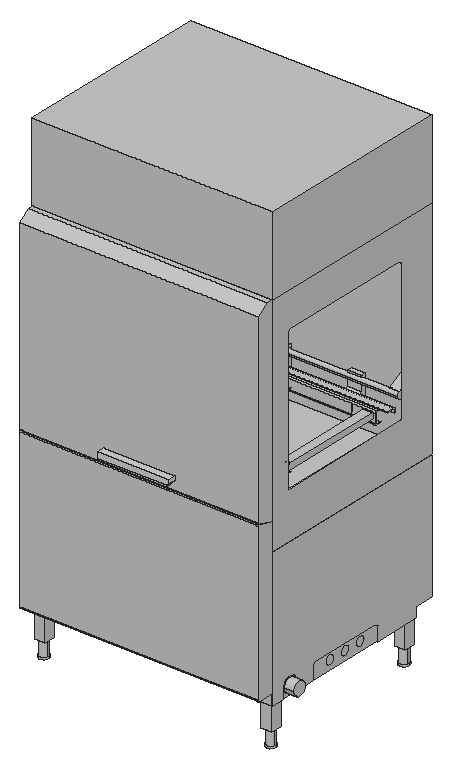
Revit family "QF_ELECTROLUXPROFESSIONAL_535179_NLDDREL56", category Specialty Equipment, Revit 2023
Family settings
  Round Connector Dimension = Use Diameter
  Part Type = Normal
  Work Plane-Based = No
  Enable Cutting in Views = No
  Always vertical = Yes
  Cut with Voids When Loaded = No
  Maintain Annotation Orientation = No
  Shared = No
  Room Calculation Point = No
Parameters (values of type "NLDDREL56")
  Weight = 116.00 kg
  Watts = 0 W
  Volts = 380 V
  URL Manufacturer = "http://www.electroluxprofessional.com"
  URL = "http://www.electroluxprofessional.com"
  Steam Supply Size = 0 mm
  Steam Supply Minimum Pressure = 0.0 Pa
  Steam Supply Maximum Pressure = 0.0 Pa
  Steam Pounds per Hour = 0
  Show Logo [instance] = yes
  Refrigeration Suction Line Size = 0 mm
  Refrigeration Liquid Line Size = 0 mm
  Refrigerant Compressor Remote = yes
  R_L [instance] = not(L_R)  # yes
  Manufacturer = "Electrolux Professional"
  Phase = 3
  Model = "NLDDREL56"
  Length Actual = 890 mm
  Show Clearance [instance] = yes
  L_R [instance] = no
  Item Number = "535179"
  Hot Water Size = 0 mm
  Height Actual = 1785 mm
  HP = "11.4 HP"
  Gas Size = 0 mm
  Gas KW = 0
  Gas Input Pressure = 0 W
  Direct Waste Size = 50 mm
  Description = "LARGE DRYER WITH DOOR, DUAL RINSE RT, L>R, ELECTRIC, 50/60HZ"
  Depth Actual = 825 mm
  Default Elevation = 0 mm
  DRAIN [instance] = if(L_R, 0 mm, 968 mm)  # 968 mm
  Cycle = 50 Hz
  Condensate Return Size = 0 mm
  Compressed Air Volume = 0.0 L/s
  Compressed Air Size = 0 mm
  Compressed Air Pressure = 0.0 Pa
  Cold Water Size = 0 mm
  Accessory = no
Reference planes
  plane 1 "Center X": y = -16.742
  plane 2: z = 0
  plane 3 "2": x = 506.437
  plane 4 "BACK": y = 388.258
  plane 5 "FEET": z = 150
  plane 6: z = 2095
  plane 7 "BASE": z = 187
  plane 8 "TOP": z = 1785
  plane 9 "FRONT": y = -408.742
  plane 10: y = 311.258
  plane 11 "1": x = -383.563
  plane 12 "LEFT": x = -423.563
  plane 13 "RIGHT": x = 546.437
  plane 14 "DRAIN": x = 544.437
Forms (mm)
  Extrusion 1, solid, material "QF_Finishes_Stainless Steel"
    sketch origin (506.437, 479.936, 4000) x (0, 1, 0) y (0, 0, 1)
      loop
        line (-96.678, -2215) -> (-828.678, -2215) -> (-828.678, -2507) -> (-96.678, -2507) -> (-96.678, -2215)
    from -890 to 0
  Extrusion 2, solid, material "QF_Finishes_Stainless Steel"
    sketch origin (-383.563, 437.565, 4000) x (0, 1, 0) y (0, 0, 1)
      loop
        line (-54.307, -2507) -> (-786.307, -2507) -> (-786.307, -3850) -> (-126.307, -3850) -> (-126.307, -3812) -> (-54.307, -3812) -> (-54.307, -2507)
      loop
        line (-129.307, -2557) -> (-769.307, -2557) -> (-769.307, -3290) -> (-129.307, -3290) -> (-129.307, -2557)
    from 887 to 3
  Extrusion 3, solid, material "QF_Finishes_Stainless Steel"
    sketch origin (-383.563, 437.565, 4000) x (0, 1, 0) y (0, 0, 1)
      loop
        line (-59.307, -3342) -> (-781.307, -3342)
        arc (-781.307, -3342) -> (-784.843, -3343.464) -> (-786.307, -3347) r 5
        line (-786.307, -3347) -> (-786.307, -3850) -> (-741.307, -3850) -> (-741.307, -3813)
        arc (-741.307, -3813) -> (-711.307, -3783) -> (-681.307, -3813) r 30
        line (-681.307, -3813) -> (-681.307, -3850) -> (-602.807, -3850) -> (-602.807, -3803)
        arc (-602.807, -3803) -> (-598.414, -3792.393) -> (-587.807, -3788) r 15
        line (-587.807, -3788) -> (-317.807, -3788)
        arc (-317.807, -3788) -> (-307.201, -3792.393) -> (-302.807, -3803) r 15
        line (-302.807, -3803) -> (-302.807, -3850) -> (-126.307, -3850) -> (-126.307, -3812) -> (-54.307, -3812) -> (-54.307, -3347)
        arc (-54.307, -3347) -> (-55.772, -3343.464) -> (-59.307, -3342) r 5
    from 0 to 3
  Extrusion 4, solid, material "QF_Finishes_Stainless Steel"
    sketch origin (506.437, 479.936, 4000) x (0, 1, 0) y (0, 0, 1)
      loop
        line (-96.678, -2507) -> (-828.678, -2507) -> (-828.678, -3335)
        arc (-828.678, -3335) -> (-827.214, -3338.536) -> (-823.678, -3340) r 5
        line (-823.678, -3340) -> (-101.678, -3340)
        arc (-101.678, -3340) -> (-98.142, -3338.536) -> (-96.678, -3335) r 5
        line (-96.678, -3335) -> (-96.678, -2507)
      loop
        line (-248.879, -2635) -> (-744.477, -2635)
        arc (-744.477, -2635) -> (-756.64, -2640.038) -> (-761.678, -2652.201) r 17.201
        line (-761.678, -2652.201) -> (-761.678, -3167.258) -> (-231.678, -3167.258) -> (-231.678, -2652.201)
        arc (-231.678, -2652.201) -> (-236.716, -2640.038) -> (-248.879, -2635) r 17.201
    from -3 to 0
  Extrusion 5, solid, material "QF_Finishes_Stainless Steel"
    sketch origin (506.437, 479.936, 4000) x (0, 1, 0) y (0, 0, 1)
      loop
        line (-101.678, -3342) -> (-823.678, -3342)
        arc (-823.678, -3342) -> (-827.214, -3343.464) -> (-828.678, -3347) r 5
        line (-828.678, -3347) -> (-828.678, -3850) -> (-783.678, -3850) -> (-783.678, -3813)
        arc (-783.678, -3813) -> (-753.678, -3783) -> (-723.678, -3813) r 30
        line (-723.678, -3813) -> (-723.678, -3850) -> (-645.178, -3850) -> (-645.178, -3803)
        arc (-645.178, -3803) -> (-640.785, -3792.393) -> (-630.178, -3788) r 15
        line (-630.178, -3788) -> (-360.178, -3788)
        arc (-360.178, -3788) -> (-349.571, -3792.393) -> (-345.178, -3803) r 15
        line (-345.178, -3803) -> (-345.178, -3850) -> (-168.678, -3850) -> (-168.678, -3812) -> (-96.678, -3812) -> (-96.678, -3347)
        arc (-96.678, -3347) -> (-98.142, -3343.464) -> (-101.678, -3342) r 5
    from -3 to 0
  Extrusion 6, solid, material "QF_Finishes_Stainless Steel"
    sketch origin (-383.563, 437.565, 4000) x (0, 1, 0) y (0, 0, 1)
      loop
        circle (-454.307, -3813) r 15
      loop
        circle (-524.307, -3813) r 15
      loop
        circle (-384.307, -3813) r 15
    from 0 to 3
  Extrusion 7, solid, material "QF_Finishes_Stainless Steel"
    sketch origin (-383.563, 437.565, 4000) x (0, 1, 0) y (0, 0, 1)
      loop
        circle (-711.307, -3813) r 25
    from 0 to 3
  Extrusion 8, solid, material "QF_Finishes_Stainless Steel"
    sketch origin (506.437, 479.936, 4000) x (0, 1, 0) y (0, 0, 1)
      loop
        circle (-496.678, -3813) r 15
      loop
        circle (-566.678, -3813) r 15
      loop
        circle (-426.678, -3813) r 15
    from 0 to -3
  Extrusion 9, solid, material "QF_Finishes_Stainless Steel"
    sketch origin (506.437, 479.936, 4000) x (0, 1, 0) y (0, 0, 1)
      loop
        circle (-753.678, -3813) r 25
    from 0 to -3
  Extrusion 10, solid, material "QF_Finishes_Stainless Steel"
    sketch origin (-383.563, 437.565, 4000) x (0, 1, 0) y (0, 0, 1)
      loop
        line (-54.307, -2507) -> (-786.307, -2507) -> (-786.307, -3335)
        arc (-786.307, -3335) -> (-784.843, -3338.536) -> (-781.307, -3340) r 5
        line (-781.307, -3340) -> (-59.307, -3340)
        arc (-59.307, -3340) -> (-55.772, -3338.536) -> (-54.307, -3335) r 5
        line (-54.307, -3335) -> (-54.307, -2507)
      loop
        line (-206.509, -2635) -> (-702.106, -2635)
        arc (-702.106, -2635) -> (-714.269, -2640.038) -> (-719.307, -2652.201) r 17.201
        line (-719.307, -2652.201) -> (-719.307, -3167.258) -> (-189.307, -3167.258) -> (-189.307, -2652.201)
        arc (-189.307, -2652.201) -> (-194.345, -2640.038) -> (-206.509, -2635) r 17.201
    from 3 to 0
  Extrusion 11, solid, material "QF_Finishes_Stainless Steel", visible <- "L_R"
    sketch origin (-383.563, 0, 0) x (0, 1, 0) y (0, 0, 1)
      loop
        circle (-273.742, 187) r 25
    from 0 to -38
  Extrusion 12, solid, material "QF_Finishes_Stainless Steel", visible <- "R_L"
    sketch origin (506.437, 479.936, 4000) x (0, 1, 0) y (0, 0, 1)
      loop
        circle (-753.678, -3813) r 25
    from 0 to 38
  Extrusion 13, solid, material "QF_Finishes_Stainless Steel", not visible
    sketch origin (544.437, 0, 0) x (0, 1, 0) y (0, 0, 1)
      loop
        circle (-273.742, 187) r 25
    from 0 to 2
  Extrusion 14, solid, material "QF_Clearance", detail levels coarse
    sketch origin (516.437, -74.242, 0) x (1, 0, 0) y (0, 1, 0)
      loop
        line (-900, 462.5) -> (-10, 462.5) -> (-10, 512.5) -> (-900, 512.5) -> (-900, 462.5)
    from -100 to 1785
Lines and regions (mm)
  symbolic lines
    curve 1: line (-383.563, 383.258, 0) -> (506.437, 383.258, 0)
    curve 2: line (-383.563, -348.742, 0) -> (-383.563, 383.258, 0)
    curve 3: line (506.437, -348.742, 0) -> (-383.563, -348.742, 0)
    curve 4: line (506.437, 383.258, 0) -> (506.437, -348.742, 0)
    curve 7: line (-383.563, 383.258, 0) -> (506.437, -348.742, 0)
    curve 14: line (-383.563, -16.742, 0) -> (-368.563, -16.742, 0)
    curve 15: line (491.437, -16.742, 0) -> (506.437, -16.742, 0)
  symbolic lines, style "SpecialityEquipment"
    curve 5: line (506.437, -281.742, 0) -> (-383.563, -281.742, 0)
    curve 6: line (-383.563, 308.258, 0) -> (506.437, 308.258, 0)
  symbolic lines, style "SpecialityEquipmentHiddenLines", visible <- "R_L"
    curve 8: line (546.437, -298.742, 0) -> (546.437, -248.742, 0)
    curve 9: line (546.437, -248.742, 0) -> (506.437, -248.742, 0)
    curve 10: line (546.437, -298.742, 0) -> (506.437, -298.742, 0)
  symbolic lines, style "SpecialityEquipmentHiddenLines", visible <- "L_R"
    curve 11: line (-423.563, -248.742, 0) -> (-423.563, -298.742, 0)
    curve 12: line (-423.563, -248.742, 0) -> (-383.563, -248.742, 0)
    curve 13: line (-423.563, -298.742, 0) -> (-383.563, -298.742, 0)
  symbolic lines, style "QF_Clearances"
    curve 16: line (-383.563, 438.258, 0) -> (506.437, 438.258, 0)
Dimensions and locks
  plane 4 "BACK" to plane 1 "Center X" to plane 9 "FRONT" = 405 mm, 392 mm
  plane 5 "FEET" to level = 150 mm
  plane 3 "2" to Extrusion 5 = 3 mm
  plane 5 "FEET" to plane 8 "TOP" = 1635 mm
  plane 4 "BACK" to plane 9 "FRONT" = 797 mm  (x2)
  nested 1 to nested 4 to nested 4 to nested 4 = 732 mm, 60 mm, 30 mm
  "DRAIN": plane 12 "LEFT" to plane 14 "DRAIN"
  aligned and locked: level to plane 2
Automatic sketch dimensions
  plane 8 "TOP" to Extrusion 1 sketch curve = 0 mm
  plane 9 "FRONT" to Extrusion 1 sketch curve = 60 mm
  Extrusion 1 sketch curve to plane 4 "BACK" = 5 mm
  Extrusion 1 sketch curve to Extrusion 1 sketch curve = 292 mm
  Extrusion 2 sketch curve to plane 5 "FEET" = 0 mm
  Extrusion 2 sketch curve to plane 10 = 0 mm
  plane 10 to Extrusion 2 sketch curve = 3 mm
  plane 9 "FRONT" to Extrusion 2 sketch curve = 77 mm
  Extrusion 2 sketch curve to Extrusion 2 sketch curve = 17 mm
  plane 7 "BASE" to Extrusion 2 sketch curve = 1 mm
  Extrusion 2 sketch curve to plane 4 "BACK" = 5 mm
  Extrusion 2 sketch curve to Extrusion 2 sketch curve = 522 mm
  plane 8 "TOP" to Extrusion 2 sketch curve = 342 mm
  Extrusion 2 sketch curve to Extrusion 2 sketch curve = 50 mm
  Extrusion 3 sketch curve to plane 5 "FEET" = 0 mm  (x3)
  Extrusion 3 sketch curve to plane 7 "BASE" = 0 mm
  Extrusion 3 sketch curve to plane 10 = 0 mm
  plane 7 "BASE" to Extrusion 3 sketch curve = 10 mm  (x2)
  Extrusion 3 sketch curve to plane 1 "Center X" = 151.5 mm
  Extrusion 3 sketch curve to Extrusion 3 sketch curve = 15 mm
  plane 1 "Center X" to Extrusion 3 sketch curve = 133.5 mm
  Extrusion 3 sketch curve to Extrusion 3 sketch curve = 78.5 mm
  Extrusion 3 sketch curve to Extrusion 3 sketch curve = 30 mm
  plane 9 "FRONT" to Extrusion 3 sketch curve = 65 mm
  Extrusion 3 sketch curve to Extrusion 3 sketch curve = 5 mm
  Extrusion 3 sketch curve to plane 4 "BACK" = 10 mm
  Extrusion 3 sketch curve to plane 4 "BACK" = 5 mm
  plane 7 "BASE" to Extrusion 3 sketch curve = 1 mm
  Extrusion 3 sketch curve to Extrusion 3 sketch curve = 465 mm
  plane 9 "FRONT" to Extrusion 4 sketch curve = 60 mm
  Extrusion 4 sketch curve to Extrusion 4 sketch curve = 5 mm
  plane 9 "FRONT" to Extrusion 4 sketch curve = 127 mm
  Extrusion 4 sketch curve to Extrusion 4 sketch curve = 17.201 mm  (x2)
  plane 10 to Extrusion 4 sketch curve = 80.201 mm
  plane 10 to Extrusion 4 sketch curve = 63 mm
  Extrusion 4 sketch curve to plane 4 "BACK" = 10 mm
  Extrusion 4 sketch curve to plane 4 "BACK" = 5 mm
  plane 7 "BASE" to Extrusion 4 sketch curve = 473 mm
  Extrusion 4 sketch curve to Extrusion 4 sketch curve = 167.742 mm
  plane 8 "TOP" to Extrusion 4 sketch curve = 437.201 mm
  Extrusion 4 sketch curve to Extrusion 4 sketch curve = 0 mm
  Extrusion 4 sketch curve to Extrusion 4 sketch curve = 145.201 mm
  Extrusion 5 sketch curve to plane 5 "FEET" = 0 mm  (x3)
  Extrusion 5 sketch curve to plane 7 "BASE" = 0 mm
  Extrusion 5 sketch curve to plane 10 = 0 mm
  plane 7 "BASE" to Extrusion 5 sketch curve = 10 mm  (x2)
  Extrusion 5 sketch curve to plane 1 "Center X" = 151.5 mm
  Extrusion 5 sketch curve to Extrusion 5 sketch curve = 15 mm
  plane 1 "Center X" to Extrusion 5 sketch curve = 133.5 mm
  Extrusion 5 sketch curve to Extrusion 5 sketch curve = 78.5 mm
  Extrusion 5 sketch curve to Extrusion 5 sketch curve = 30 mm
  plane 9 "FRONT" to Extrusion 5 sketch curve = 65 mm
  Extrusion 5 sketch curve to Extrusion 5 sketch curve = 5 mm
  Extrusion 5 sketch curve to plane 4 "BACK" = 10 mm
  Extrusion 5 sketch curve to plane 4 "BACK" = 5 mm
  plane 7 "BASE" to Extrusion 5 sketch curve = 1 mm
  Extrusion 5 sketch curve to Extrusion 5 sketch curve = 465 mm
  Extrusion 6 sketch curve to plane 7 "BASE" = 0 mm  (x3)
  Extrusion 6 sketch curve to plane 1 "Center X" = 0 mm
  Extrusion 6 sketch curve to Extrusion 6 sketch curve = 70 mm
  Extrusion 6 sketch curve to plane 1 "Center X" = 70 mm
  Extrusion 7 sketch curve to plane 7 "BASE" = 0 mm
  plane 9 "FRONT" to Extrusion 7 sketch curve = 135 mm
  Extrusion 8 sketch curve to plane 7 "BASE" = 0 mm  (x3)
  Extrusion 8 sketch curve to plane 1 "Center X" = 0 mm
  Extrusion 8 sketch curve to Extrusion 8 sketch curve = 70 mm
  Extrusion 8 sketch curve to plane 1 "Center X" = 70 mm
  Extrusion 9 sketch curve to plane 7 "BASE" = 0 mm
  plane 9 "FRONT" to Extrusion 9 sketch curve = 135 mm
  plane 9 "FRONT" to Extrusion 10 sketch curve = 60 mm
  Extrusion 10 sketch curve to Extrusion 10 sketch curve = 5 mm
  plane 9 "FRONT" to Extrusion 10 sketch curve = 127 mm
  Extrusion 10 sketch curve to Extrusion 10 sketch curve = 17.201 mm  (x2)
  plane 10 to Extrusion 10 sketch curve = 80.201 mm
  plane 10 to Extrusion 10 sketch curve = 63 mm
  Extrusion 10 sketch curve to plane 4 "BACK" = 10 mm
  Extrusion 10 sketch curve to plane 4 "BACK" = 5 mm
  plane 7 "BASE" to Extrusion 10 sketch curve = 473 mm
  Extrusion 10 sketch curve to Extrusion 10 sketch curve = 167.742 mm
  plane 8 "TOP" to Extrusion 10 sketch curve = 437.201 mm
  Extrusion 10 sketch curve to Extrusion 10 sketch curve = 0 mm
  Extrusion 10 sketch curve to Extrusion 10 sketch curve = 145.201 mm
  Extrusion 11 sketch curve to plane 7 "BASE" = 0 mm
  plane 9 "FRONT" to Extrusion 11 sketch curve = 135 mm
  Extrusion 12 sketch curve to plane 7 "BASE" = 0 mm
  plane 9 "FRONT" to Extrusion 12 sketch curve = 135 mm
  Extrusion 13 sketch curve to plane 7 "BASE" = 0 mm
  plane 9 "FRONT" to Extrusion 13 sketch curve = 135 mm
  plane 12 "LEFT" to Extrusion 14 sketch curve = 40 mm
  Extrusion 14 sketch curve to plane 13 "RIGHT" = 40 mm
  plane 4 "BACK" to Extrusion 14 sketch curve = 0 mm
  Extrusion 14 sketch curve to Extrusion 14 sketch curve = 50 mm
  curve 11 to plane 12 "LEFT" = 0 mm
  curve 13 to plane 11 "1" = 0 mm
  curve 16 to plane 11 "1" = 0 mm
  curve 9 to plane 3 "2" = 0 mm
  curve 16 to plane 3 "2" = 0 mm
  curve 8 to plane 13 "RIGHT" = 0 mm
  plane 9 "FRONT" to curve 4 = 60 mm
  curve 2 to curve 13 = 50 mm
  curve 3 to curve 8 = 50 mm
  curve 11 to curve 12 = 50 mm
  curve 8 to curve 8 = 50 mm
  curve 1 to plane 4 "BACK" = 5 mm
  curve 14 to plane 1 "Center X" = 0 mm
  plane 11 "1" to curve 14 = 15 mm
  curve 15 to plane 1 "Center X" = 0 mm
  curve 15 to curve 15 = 15 mm
  curve 10 to curve 5 = 17 mm
  plane 10 to curve 6 = 3 mm
  plane 4 "BACK" to curve 16 = 50 mm
  radius of Extrusion 6 sketch curve = 15 mm  (x3)
  radius of Extrusion 7 sketch curve = 25 mm
  radius of Extrusion 8 sketch curve = 15 mm  (x3)
  radius of Extrusion 9 sketch curve = 25 mm
  radius of Extrusion 11 sketch curve = 25 mm
  radius of Extrusion 12 sketch curve = 25 mm
  radius of Extrusion 13 sketch curve = 25 mm
Nested families
  nested 1: "Basket_Guide+Wash_Arm_35''" at (-348, 0, 0), type "Basket_Guide+Wash_Arm_35''"
  nested 2: "Foot_40x40_H150" at (-357.563, -326.742, 0) x (-1, 0, 0) z (0, 0, 1), type "Foot_40x40_H150"
  nested 3: "Foot_40x40_H150" at (-357.563, 289.258, 0) x (-1, 0, 0) z (0, 0, 1), type "Foot_40x40_H150"
  nested 4: "Door_35''" at (-289, 0, 0), Show Clearance <- "Show Clearance", type "Door_35''"
  nested 5: "Foot_40x40_H150" at (480.437, -326.742, 0), type "Foot_40x40_H150"
  nested 6: "Foot_40x40_H150" at (480.437, 289.258, 0), type "Foot_40x40_H150"
Connectors
  piping at (544.437, -273.742, 187), diameter 50
    settings: on Extrusion 13, index 1, connector inside diameter 609.6 mm, connector length 0 mm, flow factor 0, pipe flow 0.0 L/s, pressure drop 0.0 Pa, fitting loss kfactor 0, connector angle 0.00°, fixture units 0, engagement length 0 mm, angle of deflection 0.00°, flow configuration 0, flow direction 2, fitting loss method 0, system type 16, joint type 0, gender type 0, connector reference index -1, connector utility 0, adjustable connector no, is connector primary yes, connector description "DRAIN"
Definition of nested family "Basket_Guide+Wash_Arm_35''"
  Parameters
    Default Elevation = 0 mm
  Reference planes
    plane 1: z = 0
    plane 2 "Center Y": x = 409.437
    plane 3 "LEFT": x = -35.563
    plane 4 "BACK": y = 383.258
    plane 5 "FRONT": y = -408.742
    plane 6: z = 150
    plane 7 "TOP": z = 1785
    plane 8: z = 875
    plane 9 "RIGHT": x = 854.437
    plane 10 "L1": x = 134.437
    plane 11 "L2": x = 684.437
  Forms (mm)
    Extrusion 1, solid
      sketch origin (427.437, -18.984, 0) x (0, -1, 0) y (0, 0, 1)
        loop
          line (264.703, 929.245) -> (264.703, 907.554) -> (312.758, 879.81) -> (312.758, 956.99) -> (264.703, 929.245)
        loop
          line (-259.187, 929.245) -> (-307.242, 956.99) -> (-327.242, 956.99) -> (-327.242, 879.81) -> (-307.242, 879.81) -> (-259.187, 907.554) -> (-259.187, 929.245)
      from -424 to -388
    Extrusion 2, solid
      sketch origin (293.437, -18.984, 0) x (0, -1, 0) y (0, 0, 1)
        loop
          circle (264.703, 918.4) r 10
        loop
          circle (-259.187, 918.4) r 10
      from -558 to 326
    Extrusion 3, solid
      sketch origin (293.437, -18.984, 0) x (0, -1, 0) y (0, 0, 1)
        loop
          line (-252.564, 858) -> (-252.564, 870.68)
          arc (-252.564, 870.68) -> (-251.884, 872.32) -> (-250.244, 873) r 2.32
          line (-250.244, 873) -> (-222.564, 873) -> (-222.564, 875) -> (-250.244, 875)
          arc (-250.244, 875) -> (-253.299, 873.735) -> (-254.564, 870.68) r 4.32
          line (-254.564, 870.68) -> (-254.564, 858) -> (-252.564, 858)
        loop
          line (258.08, 858) -> (260.08, 858) -> (260.08, 870.68)
          arc (260.08, 870.68) -> (258.815, 873.735) -> (255.76, 875) r 4.32
          line (255.76, 875) -> (228.08, 875) -> (228.08, 873) -> (255.76, 873)
          arc (255.76, 873) -> (257.401, 872.32) -> (258.08, 870.68) r 2.32
          line (258.08, 870.68) -> (258.08, 858)
      from -545 to 313
    Extrusion 4, solid
      sketch origin (293.437, -18.984, 0) x (0, -1, 0) y (0, 0, 1)
        loop
          arc (-216.187, 825.32) -> (-216.866, 823.679) -> (-218.507, 823) r 2.32
          line (-218.507, 823) -> (-236.187, 823) -> (-236.187, 821) -> (-218.507, 821)
          arc (-218.507, 821) -> (-215.452, 822.265) -> (-214.187, 825.32) r 4.32
          line (-214.187, 825.32) -> (-214.187, 861.68)
          arc (-214.187, 861.68) -> (-215.452, 864.735) -> (-218.507, 866) r 4.32
          line (-218.507, 866) -> (-236.187, 866) -> (-236.187, 864) -> (-218.507, 864)
          arc (-218.507, 864) -> (-216.866, 863.32) -> (-216.187, 861.68) r 2.32
          line (-216.187, 861.68) -> (-216.187, 825.32)
        loop
          line (221.703, 825.32) -> (221.703, 861.68)
          arc (221.703, 861.68) -> (222.383, 863.32) -> (224.023, 864) r 2.32
          line (224.023, 864) -> (241.703, 864) -> (241.703, 866) -> (224.023, 866)
          arc (224.023, 866) -> (220.969, 864.735) -> (219.703, 861.68) r 4.32
          line (219.703, 861.68) -> (219.703, 825.32)
          arc (219.703, 825.32) -> (220.969, 822.265) -> (224.023, 821) r 4.32
          line (224.023, 821) -> (241.703, 821) -> (241.703, 823) -> (224.023, 823)
          arc (224.023, 823) -> (222.383, 823.679) -> (221.703, 825.32) r 2.32
      from -505 to 273
    Extrusion 5, solid
      sketch origin (391.437, -18.984, 0) x (0, -1, 0) y (0, 0, 1)
        loop
          line (264.703, 929.245) -> (264.703, 907.554) -> (312.758, 879.81) -> (312.758, 956.99) -> (264.703, 929.245)
        loop
          line (-259.187, 929.245) -> (-307.242, 956.99) -> (-327.242, 956.99) -> (-327.242, 879.81) -> (-307.242, 879.81) -> (-259.187, 907.554) -> (-259.187, 929.245)
      from 424 to 388
    Extrusion 6, solid
      sketch origin (428.437, -18.984, 0) x (0, -1, 0) y (0, 0, 1)
        loop
          line (219.703, 858) -> (-214.187, 858) -> (-214.187, 836) -> (219.703, 836) -> (219.703, 858)
      from -360 to -325
    Extrusion 7, solid
      sketch origin (390.437, -18.984, 0) x (0, -1, 0) y (0, 0, 1)
        loop
          line (219.703, 858) -> (-214.187, 858) -> (-214.187, 836) -> (219.703, 836) -> (219.703, 858)
      from 360 to 325
    Extrusion 8, solid
      sketch origin (409.437, 308.258, 1443) x (0, 0, 1) y (-1, 0, 0)
        loop
          line (-650.516, 7.5) -> (-663.507, 15) -> (-676.497, 7.5) -> (-676.497, -7.5) -> (-663.507, -15) -> (-650.516, -7.5) -> (-650.516, 7.5)
        loop
          line (-22.01, 7.5) -> (-35, 15) -> (-47.99, 7.5) -> (-47.99, -7.5) -> (-35, -15) -> (-22.01, -7.5) -> (-22.01, 7.5)
      from 0 to 30
    Extrusion 9, solid
      sketch origin (409.437, 278.258, 1443) x (0, 0, 1) y (-1, 0, 0)
        loop
          circle (-663.507, 0) r 10
        loop
          circle (-35, 0) r 10
      from 0 to 537.443
    Extrusion 10, solid
      sketch origin (409.437, 0, 0) x (0, 1, 0) y (0, 0, 1)
        loop
          line (-283.687, 880.8) -> (-283.687, 933.4) -> (-301.108, 933.4) -> (-301.108, 856.308) -> (-249.185, 804.385) -> (-240.463, 763.388) -> (-239.485, 763.596) -> (-248.268, 804.882) -> (-277.084, 833.698) -> (-240.687, 833.698) -> (-240.687, 855.89) -> (-260.687, 855.89) -> (-260.687, 872.8) -> (-275.687, 872.8) -> (-283.687, 880.8)
        loop
          line (240.203, 880.8) -> (232.203, 872.8) -> (217.203, 872.8) -> (217.203, 855.89) -> (197.203, 855.89) -> (197.203, 833.698) -> (235.015, 833.698) -> (257.624, 856.308) -> (257.624, 933.4) -> (240.203, 933.4) -> (240.203, 880.8)
        loop
          line (-259.185, 1443) -> (-259.185, 1420.164) -> (-236.567, 1380.988) -> (-234.835, 1381.988) -> (-257.185, 1420.7) -> (-257.185, 1443) -> (-259.185, 1443)
      from -25 to 25
    Extrusion 11, solid
      sketch origin (134.437, 308.258, 1443) x (0, 0, 1) y (-1, 0, 0)
        loop
          line (-650.516, 7.5) -> (-663.507, 15) -> (-676.497, 7.5) -> (-676.497, -7.5) -> (-663.507, -15) -> (-650.516, -7.5) -> (-650.516, 7.5)
        loop
          line (-22.01, 7.5) -> (-35, 15) -> (-47.99, 7.5) -> (-47.99, -7.5) -> (-35, -15) -> (-22.01, -7.5) -> (-22.01, 7.5)
      from 0 to 30
    Extrusion 12, solid
      sketch origin (134.437, 278.258, 1443) x (0, 0, 1) y (-1, 0, 0)
        loop
          circle (-663.507, 0) r 10
        loop
          circle (-35, 0) r 10
      from 0 to 537.443
    Extrusion 13, solid
      sketch origin (684.437, 308.258, 1443) x (0, 0, 1) y (-1, 0, 0)
        loop
          line (-650.516, 7.5) -> (-663.507, 15) -> (-676.497, 7.5) -> (-676.497, -7.5) -> (-663.507, -15) -> (-650.516, -7.5) -> (-650.516, 7.5)
        loop
          line (-22.01, 7.5) -> (-35, 15) -> (-47.99, 7.5) -> (-47.99, -7.5) -> (-35, -15) -> (-22.01, -7.5) -> (-22.01, 7.5)
      from 0 to 30
    Extrusion 14, solid
      sketch origin (684.437, 278.258, 1443) x (0, 0, 1) y (-1, 0, 0)
        loop
          circle (-663.507, 0) r 10
        loop
          circle (-35, 0) r 10
      from 0 to 537.443
    Extrusion 15, solid
      sketch origin (134.437, 0, 0) x (0, 1, 0) y (0, 0, 1)
        loop
          line (-283.687, 880.8) -> (-283.687, 933.4) -> (-301.108, 933.4) -> (-301.108, 856.308) -> (-249.185, 804.385) -> (-240.463, 763.388) -> (-239.485, 763.596) -> (-248.268, 804.882) -> (-277.084, 833.698) -> (-240.687, 833.698) -> (-240.687, 855.89) -> (-260.687, 855.89) -> (-260.687, 872.8) -> (-275.687, 872.8) -> (-283.687, 880.8)
        loop
          line (240.203, 880.8) -> (232.203, 872.8) -> (217.203, 872.8) -> (217.203, 855.89) -> (197.203, 855.89) -> (197.203, 833.698) -> (235.015, 833.698) -> (257.624, 856.308) -> (257.624, 933.4) -> (240.203, 933.4) -> (240.203, 880.8)
        loop
          line (-259.185, 1443) -> (-259.185, 1420.164) -> (-236.567, 1380.988) -> (-234.835, 1381.988) -> (-257.185, 1420.7) -> (-257.185, 1443) -> (-259.185, 1443)
      from -25 to 25
    Extrusion 16, solid
      sketch origin (684.437, 0, 0) x (0, 1, 0) y (0, 0, 1)
        loop
          line (-283.687, 880.8) -> (-283.687, 933.4) -> (-301.108, 933.4) -> (-301.108, 856.308) -> (-249.185, 804.385) -> (-240.463, 763.388) -> (-239.485, 763.596) -> (-248.268, 804.882) -> (-277.084, 833.698) -> (-240.687, 833.698) -> (-240.687, 855.89) -> (-260.687, 855.89) -> (-260.687, 872.8) -> (-275.687, 872.8) -> (-283.687, 880.8)
        loop
          line (240.203, 880.8) -> (232.203, 872.8) -> (217.203, 872.8) -> (217.203, 855.89) -> (197.203, 855.89) -> (197.203, 833.698) -> (235.015, 833.698) -> (257.624, 856.308) -> (257.624, 933.4) -> (240.203, 933.4) -> (240.203, 880.8)
        loop
          line (-259.185, 1443) -> (-259.185, 1420.164) -> (-236.567, 1380.988) -> (-234.835, 1381.988) -> (-257.185, 1420.7) -> (-257.185, 1443) -> (-259.185, 1443)
      from -25 to 25
  Cuts and joins
    joined: Extrusion 1, Extrusion 2, Extrusion 3, Extrusion 4, Extrusion 5, Extrusion 6, Extrusion 7, Extrusion 8, Extrusion 9, Extrusion 10
  Dimensions and locks
    plane 3 "LEFT" to plane 9 "RIGHT" = 890 mm
    equal spacing: plane 3 "LEFT", plane 2 "Center Y", plane 9 "RIGHT", locked at 445 each
    plane 7 "TOP" to plane 6 to level = 1635 mm, 150 mm
    plane 4 "BACK" to plane 5 "FRONT" = 792 mm
    aligned and locked: level to plane 1
  Automatic sketch dimensions
    plane 8 to Extrusion 1 sketch curve = 4.81 mm  (x2)
    Extrusion 1 sketch curve to plane 4 "BACK" = 75 mm
    Extrusion 1 sketch curve to Extrusion 1 sketch curve = 20 mm  (x2)
    Extrusion 1 sketch curve to Extrusion 1 sketch curve = 48.055 mm  (x2)
    plane 8 to Extrusion 1 sketch curve = 32.554 mm  (x2)
    plane 5 "FRONT" to Extrusion 1 sketch curve = 125.055 mm
    Extrusion 1 sketch curve to Extrusion 1 sketch curve = 21.691 mm  (x2)
    Extrusion 1 sketch curve to Extrusion 1 sketch curve = 27.745 mm  (x2)
    plane 8 to Extrusion 2 sketch curve = 43.4 mm  (x2)
    Extrusion 2 sketch curve to plane 4 "BACK" = 143.055 mm
    plane 5 "FRONT" to Extrusion 2 sketch curve = 125.055 mm
    Extrusion 3 sketch curve to Extrusion 3 sketch curve = 0 mm  (x4)
    Extrusion 3 sketch curve to plane 8 = 0 mm  (x2)
    Extrusion 3 sketch curve to plane 8 = 4.32 mm  (x2)
    Extrusion 3 sketch curve to plane 4 "BACK" = 147.678 mm
    Extrusion 3 sketch curve to Extrusion 3 sketch curve = 2 mm  (x2)
    Extrusion 3 sketch curve to Extrusion 3 sketch curve = 27.68 mm  (x2)
    plane 5 "FRONT" to Extrusion 3 sketch curve = 161.678 mm
    Extrusion 3 sketch curve to Extrusion 3 sketch curve = 12.68 mm  (x2)
    Extrusion 4 sketch curve to Extrusion 4 sketch curve = 0 mm  (x9)
    Extrusion 4 sketch curve to plane 8 = 9 mm
    Extrusion 4 sketch curve to plane 4 "BACK" = 166.055 mm
    Extrusion 4 sketch curve to Extrusion 4 sketch curve = 17.68 mm  (x4)
    Extrusion 4 sketch curve to Extrusion 4 sketch curve = 2.32 mm  (x3)
    Extrusion 4 sketch curve to Extrusion 4 sketch curve = 2 mm  (x2)
    Extrusion 4 sketch curve to plane 8 = 49.68 mm
    plane 5 "FRONT" to Extrusion 4 sketch curve = 170.055 mm
    Extrusion 4 sketch curve to Extrusion 4 sketch curve = 43 mm
    Extrusion 4 sketch curve to plane 8 = 13.32 mm
    plane 8 to Extrusion 5 sketch curve = 4.81 mm  (x2)
    Extrusion 5 sketch curve to plane 4 "BACK" = 75 mm
    Extrusion 5 sketch curve to Extrusion 5 sketch curve = 20 mm  (x2)
    Extrusion 5 sketch curve to Extrusion 5 sketch curve = 48.055 mm  (x2)
    plane 8 to Extrusion 5 sketch curve = 32.554 mm  (x2)
    plane 5 "FRONT" to Extrusion 5 sketch curve = 125.055 mm
    Extrusion 5 sketch curve to Extrusion 5 sketch curve = 21.691 mm  (x2)
    Extrusion 5 sketch curve to Extrusion 5 sketch curve = 27.745 mm  (x2)
    Extrusion 6 sketch curve to plane 8 = 17 mm
    Extrusion 6 sketch curve to plane 4 "BACK" = 188.055 mm
    Extrusion 6 sketch curve to plane 8 = 39 mm
    plane 5 "FRONT" to Extrusion 6 sketch curve = 170.055 mm
    Extrusion 7 sketch curve to plane 8 = 17 mm
    Extrusion 7 sketch curve to plane 4 "BACK" = 188.055 mm
    Extrusion 7 sketch curve to plane 8 = 39 mm
    plane 5 "FRONT" to Extrusion 7 sketch curve = 170.055 mm
    plane 2 "Center Y" to Extrusion 8 sketch curve = 7.5 mm  (x4)
    Extrusion 8 sketch curve to plane 8 = 108.497 mm
    plane 2 "Center Y" to Extrusion 8 sketch curve = 15 mm  (x2)
    Extrusion 8 sketch curve to Extrusion 8 sketch curve = 12.99 mm  (x6)
    Extrusion 8 sketch curve to plane 2 "Center Y" = 15 mm  (x2)
    Extrusion 8 sketch curve to plane 2 "Center Y" = 7.5 mm  (x4)
    Extrusion 8 sketch curve to plane 7 "TOP" = 389.99 mm
    Extrusion 9 sketch curve to Extrusion 8 = 12.99 mm  (x3)
    Extrusion 9 sketch curve to Extrusion 9 sketch curve = 0 mm
    Extrusion 10 sketch curve to plane 8 = 18.692 mm  (x2)
    plane 5 "FRONT" to Extrusion 10 sketch curve = 107.634 mm
    plane 8 to Extrusion 10 sketch curve = 58.4 mm
    Extrusion 10 sketch curve to Extrusion 10 sketch curve = 17.421 mm  (x3)
    plane 8 to Extrusion 10 sketch curve = 5.8 mm  (x2)
    Extrusion 10 sketch curve to Extrusion 10 sketch curve = 24.024 mm
    Extrusion 10 sketch curve to plane 8 = 2.2 mm  (x2)
    Extrusion 10 sketch curve to Extrusion 10 sketch curve = 8 mm  (x2)
    Extrusion 10 sketch curve to Extrusion 10 sketch curve = 15 mm  (x2)
    plane 5 "FRONT" to Extrusion 10 sketch curve = 149.557 mm
    Extrusion 10 sketch curve to Extrusion 10 sketch curve = 2 mm
    Extrusion 10 sketch curve to plane 8 = 70.615 mm
    Extrusion 10 sketch curve to Extrusion 10 sketch curve = 27.899 mm
    Extrusion 10 sketch curve to plane 8 = 70.118 mm
    Extrusion 10 sketch curve to Extrusion 10 sketch curve = 0.916 mm
    Extrusion 10 sketch curve to Extrusion 10 sketch curve = 7.581 mm
    Extrusion 10 sketch curve to Extrusion 10 sketch curve = 8.721 mm
    Extrusion 10 sketch curve to plane 8 = 111.404 mm
    Extrusion 10 sketch curve to Extrusion 10 sketch curve = 20.618 mm
    Extrusion 10 sketch curve to Extrusion 10 sketch curve = 1.732 mm
    Extrusion 10 sketch curve to plane 8 = 41.302 mm
    Extrusion 10 sketch curve to plane 4 "BACK" = 186.055 mm
    Extrusion 10 sketch curve to Extrusion 10 sketch curve = 20 mm
    Extrusion 10 sketch curve to Extrusion 10 sketch curve = 17.811 mm
    Extrusion 10 sketch curve to Extrusion 10 sketch curve = 0 mm
    Extrusion 10 sketch curve to Extrusion 10 sketch curve = 22.61 mm
    Extrusion 10 sketch curve to plane 8 = 19.11 mm
    Extrusion 10 sketch curve to Extrusion 10 sketch curve = 16.909 mm
    Extrusion 10 sketch curve to Extrusion 10 sketch curve = 52.6 mm
    Extrusion 10 sketch curve to plane 7 "TOP" = 404.012 mm
    Extrusion 10 sketch curve to Extrusion 10 sketch curve = 1 mm
    Extrusion 10 sketch curve to Extrusion 10 sketch curve = 22.3 mm
    plane 10 "L1" to Extrusion 11 sketch curve = 7.5 mm  (x4)
    Extrusion 11 sketch curve to plane 8 = 108.497 mm
    plane 10 "L1" to Extrusion 11 sketch curve = 15 mm  (x2)
    Extrusion 11 sketch curve to Extrusion 11 sketch curve = 12.99 mm  (x6)
    Extrusion 11 sketch curve to plane 10 "L1" = 15 mm  (x2)
    Extrusion 11 sketch curve to plane 10 "L1" = 7.5 mm  (x4)
    Extrusion 11 sketch curve to plane 7 "TOP" = 389.99 mm
    Extrusion 12 sketch curve to Extrusion 11 = 12.99 mm  (x3)
    Extrusion 12 sketch curve to Extrusion 12 sketch curve = 0 mm
    plane 11 "L2" to Extrusion 13 sketch curve = 7.5 mm  (x4)
    Extrusion 13 sketch curve to plane 8 = 108.497 mm
    plane 11 "L2" to Extrusion 13 sketch curve = 15 mm  (x2)
    Extrusion 13 sketch curve to Extrusion 13 sketch curve = 12.99 mm  (x6)
    Extrusion 13 sketch curve to plane 11 "L2" = 15 mm  (x2)
    Extrusion 13 sketch curve to plane 11 "L2" = 7.5 mm  (x4)
    Extrusion 13 sketch curve to plane 7 "TOP" = 389.99 mm
    Extrusion 14 sketch curve to Extrusion 13 = 12.99 mm  (x3)
    Extrusion 14 sketch curve to Extrusion 14 sketch curve = 0 mm
    Extrusion 15 sketch curve to plane 8 = 18.692 mm  (x2)
    plane 5 "FRONT" to Extrusion 15 sketch curve = 107.634 mm
    plane 8 to Extrusion 15 sketch curve = 58.4 mm
    Extrusion 15 sketch curve to Extrusion 15 sketch curve = 17.421 mm  (x3)
    plane 8 to Extrusion 15 sketch curve = 5.8 mm  (x2)
    Extrusion 15 sketch curve to Extrusion 15 sketch curve = 24.024 mm
    Extrusion 15 sketch curve to plane 8 = 2.2 mm  (x2)
    Extrusion 15 sketch curve to Extrusion 15 sketch curve = 8 mm  (x2)
    Extrusion 15 sketch curve to Extrusion 15 sketch curve = 15 mm  (x2)
    plane 5 "FRONT" to Extrusion 15 sketch curve = 149.557 mm
    Extrusion 15 sketch curve to Extrusion 15 sketch curve = 2 mm
    Extrusion 15 sketch curve to plane 8 = 70.615 mm
    Extrusion 15 sketch curve to Extrusion 15 sketch curve = 27.899 mm
    Extrusion 15 sketch curve to plane 8 = 70.118 mm
    Extrusion 15 sketch curve to Extrusion 15 sketch curve = 0.916 mm
    Extrusion 15 sketch curve to Extrusion 15 sketch curve = 7.581 mm
    Extrusion 15 sketch curve to Extrusion 15 sketch curve = 8.721 mm
    Extrusion 15 sketch curve to plane 8 = 111.404 mm
    Extrusion 15 sketch curve to Extrusion 15 sketch curve = 20.618 mm
    Extrusion 15 sketch curve to Extrusion 15 sketch curve = 1.732 mm
    Extrusion 15 sketch curve to plane 8 = 41.302 mm
    Extrusion 15 sketch curve to plane 4 "BACK" = 186.055 mm
    Extrusion 15 sketch curve to Extrusion 15 sketch curve = 20 mm
    Extrusion 15 sketch curve to Extrusion 15 sketch curve = 17.811 mm
    Extrusion 15 sketch curve to Extrusion 15 sketch curve = 0 mm
    Extrusion 15 sketch curve to Extrusion 15 sketch curve = 22.61 mm
    Extrusion 15 sketch curve to plane 8 = 19.11 mm
    Extrusion 15 sketch curve to Extrusion 15 sketch curve = 16.909 mm
    Extrusion 15 sketch curve to Extrusion 15 sketch curve = 52.6 mm
    Extrusion 15 sketch curve to plane 7 "TOP" = 404.012 mm
    Extrusion 15 sketch curve to Extrusion 15 sketch curve = 1 mm
    Extrusion 15 sketch curve to Extrusion 15 sketch curve = 22.3 mm
    Extrusion 16 sketch curve to plane 8 = 18.692 mm  (x2)
    plane 5 "FRONT" to Extrusion 16 sketch curve = 107.634 mm
    plane 8 to Extrusion 16 sketch curve = 58.4 mm
    Extrusion 16 sketch curve to Extrusion 16 sketch curve = 17.421 mm  (x3)
    plane 8 to Extrusion 16 sketch curve = 5.8 mm  (x2)
    Extrusion 16 sketch curve to Extrusion 16 sketch curve = 24.024 mm
    Extrusion 16 sketch curve to plane 8 = 2.2 mm  (x2)
    Extrusion 16 sketch curve to Extrusion 16 sketch curve = 8 mm  (x2)
    Extrusion 16 sketch curve to Extrusion 16 sketch curve = 15 mm  (x2)
    plane 5 "FRONT" to Extrusion 16 sketch curve = 149.557 mm
    Extrusion 16 sketch curve to Extrusion 16 sketch curve = 2 mm
    Extrusion 16 sketch curve to plane 8 = 70.615 mm
    Extrusion 16 sketch curve to Extrusion 16 sketch curve = 27.899 mm
    Extrusion 16 sketch curve to plane 8 = 70.118 mm
    Extrusion 16 sketch curve to Extrusion 16 sketch curve = 0.916 mm
    Extrusion 16 sketch curve to Extrusion 16 sketch curve = 7.581 mm
    Extrusion 16 sketch curve to Extrusion 16 sketch curve = 8.721 mm
    Extrusion 16 sketch curve to plane 8 = 111.404 mm
    Extrusion 16 sketch curve to Extrusion 16 sketch curve = 20.618 mm
    Extrusion 16 sketch curve to Extrusion 16 sketch curve = 1.732 mm
    Extrusion 16 sketch curve to plane 8 = 41.302 mm
    Extrusion 16 sketch curve to plane 4 "BACK" = 186.055 mm
    Extrusion 16 sketch curve to Extrusion 16 sketch curve = 20 mm
    Extrusion 16 sketch curve to Extrusion 16 sketch curve = 17.811 mm
    Extrusion 16 sketch curve to Extrusion 16 sketch curve = 0 mm
    Extrusion 16 sketch curve to Extrusion 16 sketch curve = 22.61 mm
    Extrusion 16 sketch curve to plane 8 = 19.11 mm
    Extrusion 16 sketch curve to Extrusion 16 sketch curve = 16.909 mm
    Extrusion 16 sketch curve to Extrusion 16 sketch curve = 52.6 mm
    Extrusion 16 sketch curve to plane 7 "TOP" = 404.012 mm
    Extrusion 16 sketch curve to Extrusion 16 sketch curve = 1 mm
    Extrusion 16 sketch curve to Extrusion 16 sketch curve = 22.3 mm
    radius of Extrusion 2 sketch curve = 10 mm  (x2)
    radius of Extrusion 9 sketch curve = 10 mm  (x2)
    radius of Extrusion 12 sketch curve = 10 mm  (x2)
    radius of Extrusion 14 sketch curve = 10 mm  (x2)
Definition of nested family "Foot_40x40_H150"
  Parameters
    Default Elevation = 0 mm
  Reference planes
    plane 1 "Centro (Fronte/Retro)": y = 0
    plane 2: z = 0
    plane 3 "Centro (Sinistra/Destra)": x = 0
    plane 4: z = 150
  Forms (mm)
    Extrusion 1, solid
      sketch origin (0, 0, 0) x (1, 0, 0) y (0, 1, 0)
        loop
          circle (0, 0) r 18
      from 0 to 5
    Extrusion 2, solid
      sketch origin (0, 0, 5) x (1, 0, 0) y (0, 1, 0)
        loop
          circle (0, 0) r 15
      from 0 to 55
    Extrusion 3, solid
      sketch origin (0, 0, 60) x (1, 0, 0) y (0, 1, 0)
        loop
          line (-20, 20) -> (-20, -20) -> (20, -20) -> (20, 20) -> (-20, 20)
      from 0 to 90
  Dimensions and locks
    aligned and locked: level to plane 2
    aligned and locked: plane 4 to Extrusion 3
    aligned and locked: Extrusion 1 to level
Definition of nested family "Door_35''"
  Parameters
    Show Clearance [instance] = yes
    Default Elevation = 0 mm
  Reference planes
    plane 1: z = 0
    plane 2 "Center Y": x = 350.437
    plane 3 "LEFT": x = -94.563
    plane 4 "RIGHT": x = 795.437
    plane 5 "FRONT": y = -408.742
    plane 6: z = 150
    plane 7: y = -348.742
  Forms (mm)
    Extrusion 1, solid
      sketch origin (853.437, -408.742, 1493) x (0, 0, -1) y (1, 0, 0)
        loop
          line (666, -634) -> (681, -634)
          arc (681, -634) -> (684.536, -632.536) -> (686, -629) r 5
          line (686, -629) -> (686, -377)
          arc (686, -377) -> (684.536, -373.464) -> (681, -372) r 5
          line (681, -372) -> (666, -372) -> (666, -634)
      from 0 to 30
    Extrusion 2, solid
      sketch origin (350.437, 0, 0) x (0, 1, 0) y (0, 0, 1)
        loop
          line (-348.742, 188) -> (-348.742, 758.131) -> (-405.595, 774.035)
          arc (-405.595, 774.035) -> (-407.764, 773.603) -> (-408.742, 771.62) r 2.5
          line (-408.742, 771.62) -> (-408.742, 190.5)
          arc (-408.742, 190.5) -> (-408.01, 188.732) -> (-406.242, 188) r 2.5
          line (-406.242, 188) -> (-348.742, 188)
      from -442 to 442
    Extrusion 3, solid
      sketch origin (350.437, 0, 0) x (0, 1, 0) y (0, 0, 1)
        loop
          line (-351.742, 1493) -> (-368.817, 1493) -> (-408.742, 1463.413) -> (-408.742, 778.225)
          arc (-408.742, 778.225) -> (-408.225, 776.703) -> (-406.889, 775.81) r 2.5
          line (-406.889, 775.81) -> (-354.889, 761.206)
          arc (-354.889, 761.206) -> (-352.72, 761.638) -> (-351.742, 763.621) r 2.5
          line (-351.742, 763.621) -> (-351.742, 1493)
      from -442 to 442
    Extrusion 4, solid, visible <- "Show Clearance", detail levels coarse
      sketch origin (853.437, -408.742, 2095) x (0, 0, -1) y (1, 0, 0)
        loop
          line (666, -634) -> (681, -634)
          arc (681, -634) -> (684.536, -632.536) -> (686, -629) r 5
          line (686, -629) -> (686, -377)
          arc (686, -377) -> (684.536, -373.464) -> (681, -372) r 5
          line (681, -372) -> (666, -372) -> (666, -634)
      from 0 to 30
    Extrusion 5, solid, visible <- "Show Clearance", detail levels coarse
      sketch origin (350.437, 0, 602) x (0, 1, 0) y (0, 0, 1)
        loop
          line (-351.742, 1493) -> (-368.817, 1493) -> (-408.742, 1463.413) -> (-408.742, 861.413) -> (-368.817, 891) -> (-351.742, 891) -> (-351.742, 1493)
      from -442 to 442
  Lines and regions (mm)
    symbolic lines
      curve 1: line (-91.563, -408.742, 1785) -> (-91.563, -348.742, 1785)
      curve 2: line (792.437, -408.742, 1785) -> (-91.563, -408.742, 1785)
      curve 3: line (792.437, -348.742, 1785) -> (792.437, -408.742, 1785)
      curve 4: line (219.437, -438.742, 1785) -> (219.437, -408.742, 1785)
      curve 5: line (481.437, -438.742, 1785) -> (219.437, -438.742, 1785)
      curve 6: line (481.437, -408.742, 1785) -> (481.437, -438.742, 1785)
  Dimensions and locks
    plane 3 "LEFT" to plane 4 "RIGHT" = 890 mm
    plane 6 to level = 150 mm
    plane 3 "LEFT" to plane 2 "Center Y" to plane 4 "RIGHT" = 445 mm, 445 mm
    plane 3 "LEFT" to Extrusion 5 = 3 mm
    Extrusion 5 to plane 4 "RIGHT" = 3 mm
    aligned and locked: level to plane 1
    aligned and locked: Extrusion 4 to Extrusion 1
